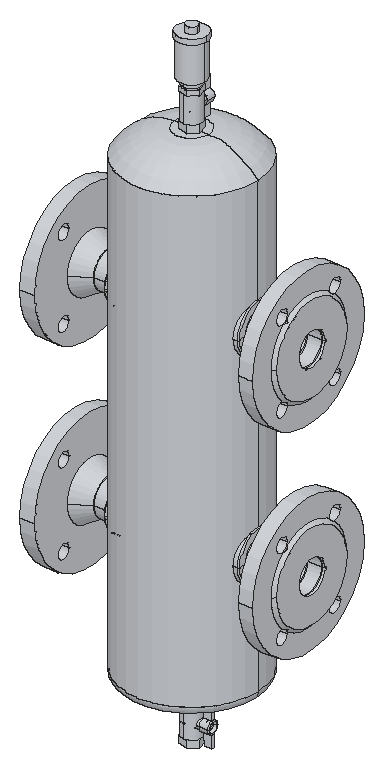
Revit family "Magnetic Dirt-Separator - R146IY105", category Plumbing Fixtures, Revit 2015
Reference planes
  plane 1 "Center (Front/Back)": y = 0
  plane 2: z = 0
  plane 3 "Center (Left/Right)": x = 0
  plane 4: x = 90.5
  plane 5: y = 27.082
  plane 6: y = -27.082
  plane 7: x = -90.5
  plane 8: y = 27.082
  plane 9: y = -27.082
  plane 10: x = -13.523
  plane 11: y = 27.082
  plane 12: y = -27.082
  plane 13: z = 884
  plane 14: z = 262
  plane 15: z = 542
  plane 16: x = 165
  plane 17: x = -165
  plane 18: y = 27.082
  plane 19: y = -27.082
  plane 20: y = 27.082
  plane 21: y = -27.082
  plane 22: y = 27.082
  plane 23: y = -27.082
Forms (mm)
  Revolve 1, solid
    sketch origin (0, 0, 3) x (1, 0, 0) y (0, 0, 1)
      loop
        line (-90.5, 719.629) -> (-90.5, 90.761)
        arc (-90.5, 90.761) -> (-89.71, 86.246) -> (-87.435, 82.267) r 13.306
        arc (-87.435, 82.267) -> (-51.844, 66.141) -> (-13.523, 58.503) r 171.259
        line (-13.523, 58.503) -> (0, 58.503) -> (0, 753.447) -> (-23.737, 753.447)
        arc (-23.737, 753.447) -> (-61.157, 744.51) -> (-90.5, 719.629) r 82.81
      axis (0, 753.447) -> (0, 58.503)
    angle from 0 to 360
  Extrusion 2, solid
    sketch origin (0, 0, 756.524) x (1, 0, 0) y (0, 1, 0)
      loop
        line (9.899, 9.899) -> (-3.623, 13.523) -> (-13.523, 3.623) -> (-9.899, -9.899) -> (3.623, -13.523) -> (13.523, -3.623) -> (9.899, 9.899)
    from -0.077 to 10.593
  Extrusion 3, solid
    sketch origin (-37.5, 0, -61.263) x (0, 1, 0) y (0, 0, -1)
      loop
        circle (0, -323.263) r 25
    from -152.5 to 77.5
  Extrusion 4, solid
    sketch origin (0, 0, 37.792) x (0, -1, 0) y (1, 0, 0)
      loop
        line (-9.899, 9.899) -> (-13.523, -3.623) -> (-3.623, -13.523) -> (9.899, -9.899) -> (13.523, 3.623) -> (3.623, 13.523) -> (-9.899, 9.899)
    from 7.343 to 14.343
  Extrusion 5, solid
    sketch origin (0, 0, 53.87) x (0, -1, 0) y (1, 0, 0)
      loop
        circle (0, 0) r 12
    from -1.736 to 1.264
  Extrusion 6, solid
    sketch origin (0, 0, 49.331) x (0, -1, 0) y (1, 0, 0)
      loop
        circle (0, 0) r 13
    from 5.803 to 12.803
  Revolve 7, solid
    sketch origin (16.384, 0, 28.102) x (1, 0, 0) y (0, 1, 0)
      loop
        line (0.632, -8.291) -> (12.097, -8.291) -> (12.563, -7.291) -> (6.89, -7.291) -> (6.89, -2.2) -> (10.212, -2.2) -> (10.212, 0) -> (-27.115, 0) -> (-27.115, -7) -> (0.632, -7) -> (0.632, -8.291)
      axis (-27.115, 0) -> (12.563, 0)
    angle from 0 to 360
  Extrusion 8, solid
    sketch origin (0, -1, -5.625) x (-1, 0, 0) y (0, 0, 1)
      loop
        line (-17.015, 41.903) -> (-17.015, 47.933) -> (-19.099, 58.652) -> (-28.947, 58.652) -> (-28.947, 42.73) -> (-28.47, 41.903) -> (-17.015, 41.903)
      loop
        line (-19.099, 8.802) -> (-17.015, 19.522) -> (-17.015, 25.572) -> (-28.458, 25.572) -> (-28.947, 24.724) -> (-28.947, 8.802) -> (-19.099, 8.802)
    from 0 to 2
  SweptBlend 9, solid
    path origin (0, 0, -85) x (1, 0, 0) y (0, 0, 1)
      loop
        line (140, 347) -> (115, 347)
    profile origin (140, 0, 262) x (0, 0, -1) y (0, -1, 0)
      loop
        circle (0, 0) r 40
    end profile origin (115, 0, 262) x (0, 0, -1) y (0, -1, 0)
      loop
        circle (0, 0) r 25
  Extrusion 10, solid
    sketch origin (-62.5, 0, -61.263) x (0, 1, 0) y (0, 0, 1)
      loop
        circle (0, 323.263) r 95
    from -97.5 to -77.5
  SweptBlend 11, solid
    path origin (0, 0, -85) x (-1, 0, 0) y (0, 0, -1)
      loop
        line (140, -347) -> (115, -347)
    profile origin (-140, 0, 262) x (0, 0, 1) y (0, -1, 0)
      loop
        circle (0, 0) r 40
    end profile origin (-115, 0, 262) x (0, 0, 1) y (0, -1, 0)
      loop
        circle (0, 0) r 25
  SweptBlend 12, solid
    path origin (-292.5, 0, -85) x (1, 0, 0) y (0, 0, 1)
      loop
        line (132.5, 347) -> (127.5, 347)
    profile origin (-160, 0, 262) x (0, 0, -1) y (0, -1, 0)
      loop
        circle (0, 0) r 65
    end profile origin (-165, 0, 262) x (0, 0, -1) y (0, -1, 0)
      loop
        circle (0, 0) r 60
  Extrusion 13, solid
    sketch origin (0, 0, -7.343) x (0, -1, 0) y (1, 0, 0)
      loop
        line (-9.899, 9.899) -> (-13.523, -3.623) -> (-3.623, -13.523) -> (9.899, -9.899) -> (13.523, 3.623) -> (3.623, 13.523) -> (-9.899, 9.899)
    from 7.343 to 17.343
  Extrusion 14, solid
    sketch origin (0, 0, 36.27) x (0, -1, 0) y (1, 0, 0)
      loop
        circle (0, 0) r 13
    from -26.27 to 8.865
  Extrusion 15, solid
    sketch origin (62.5, 0, -61.263) x (0, 1, 0) y (0, 0, -1)
      loop
        circle (0, -323.263) r 95
    from -97.5 to -77.5
  SweptBlend 16, solid
    path origin (292.5, 0, -85) x (-1, 0, 0) y (0, 0, -1)
      loop
        line (132.5, -347) -> (127.5, -347)
    profile origin (160, 0, 262) x (0, 0, 1) y (0, -1, 0)
      loop
        circle (0, 0) r 65
    end profile origin (165, 0, 262) x (0, 0, 1) y (0, -1, 0)
      loop
        circle (0, 0) r 60
  Extrusion 17, void
    sketch origin (0, 0, -85) x (0, 1, 0) y (0, 0, 1)
      loop
        circle (-45.307, 403.596) r 10
    from 134.322 to 170
  Extrusion 18, void
    sketch origin (0, 90.614, -85) x (0, 1, 0) y (0, 0, 1)
      loop
        circle (-45.307, 403.596) r 10
    from 134.322 to 170
  Extrusion 19, void
    sketch origin (0, 90.614, -198.193) x (0, 1, 0) y (0, 0, 1)
      loop
        circle (-45.307, 403.596) r 10
    from 134.322 to 170
  Extrusion 20, void
    sketch origin (0, 0, -198.193) x (0, 1, 0) y (0, 0, 1)
      loop
        circle (-45.307, 403.596) r 10
    from 134.322 to 170
  Extrusion 21, void
    sketch origin (-300, 90.614, -85) x (0, 1, 0) y (0, 0, 1)
      loop
        circle (-45.307, 403.596) r 10
    from 127.052 to 170
  Extrusion 22, void
    sketch origin (-300, 90.614, -198.193) x (0, 1, 0) y (0, 0, 1)
      loop
        circle (-45.307, 403.596) r 10
    from 129.816 to 170
  Extrusion 23, void
    sketch origin (-300, 0, -198.193) x (0, 1, 0) y (0, 0, 1)
      loop
        circle (-45.307, 403.596) r 10
    from 129.816 to 170
  Extrusion 24, void
    sketch origin (-300, 0, -85) x (0, 1, 0) y (0, 0, 1)
      loop
        circle (-45.307, 403.596) r 10
    from 129.816 to 170
  Revolve 25, solid
    sketch origin (0, 0, 262) x (1, 0, 0) y (0, 1, 0)
      loop
        line (-92.59, 25.156) -> (92.675, 25.156) -> (92.675, 33.508)
        arc (92.675, 33.508) -> (92.238, 34.563) -> (91.183, 35) r 1.492
        line (91.183, 35) -> (-91.098, 35)
        arc (-91.098, 35) -> (-92.153, 34.563) -> (-92.59, 33.508) r 1.492
        line (-92.59, 33.508) -> (-92.59, 25.156)
      axis (92.675, 0) -> (-92.59, 0)
    angle from 0 to 360
  Sweep 26, void
    path origin (0, 0, 0) x (1, 0, 0) y (0, 1, 0)
      loop
        line (-190, 0) -> (195, 0)
    profile origin (2.5, 0, 0) x (0, 1, 0) y (0, 0, 1)
      loop
        circle (0, 262) r 23
  Extrusion 27, solid
    sketch origin (-37.5, 0, 218.737) x (0, 1, 0) y (0, 0, -1)
      loop
        circle (0, -323.263) r 25
    from -152.5 to 77.5
  SweptBlend 28, solid
    path origin (0, 0, 195) x (1, 0, 0) y (0, 0, 1)
      loop
        line (140, 347) -> (115, 347)
    profile origin (140, 0, 542) x (0, 0, -1) y (0, -1, 0)
      loop
        circle (0, 0) r 40
    end profile origin (115, 0, 542) x (0, 0, -1) y (0, -1, 0)
      loop
        circle (0, 0) r 25
  Extrusion 29, solid
    sketch origin (-62.5, 0, 218.737) x (0, 1, 0) y (0, 0, 1)
      loop
        circle (0, 323.263) r 95
    from -97.5 to -77.5
  SweptBlend 30, solid
    path origin (0, 0, 195) x (-1, 0, 0) y (0, 0, -1)
      loop
        line (140, -347) -> (115, -347)
    profile origin (-140, 0, 542) x (0, 0, 1) y (0, -1, 0)
      loop
        circle (0, 0) r 40
    end profile origin (-115, 0, 542) x (0, 0, 1) y (0, -1, 0)
      loop
        circle (0, 0) r 25
  SweptBlend 31, solid
    path origin (-292.5, 0, 195) x (1, 0, 0) y (0, 0, 1)
      loop
        line (132.5, 347) -> (127.5, 347)
    profile origin (-160, 0, 542) x (0, 0, -1) y (0, -1, 0)
      loop
        circle (0, 0) r 65
    end profile origin (-165, 0, 542) x (0, 0, -1) y (0, -1, 0)
      loop
        circle (0, 0) r 60
  Extrusion 32, solid
    sketch origin (62.5, 0, 218.737) x (0, 1, 0) y (0, 0, -1)
      loop
        circle (0, -323.263) r 95
    from -97.5 to -77.5
  SweptBlend 33, solid
    path origin (292.5, 0, 195) x (-1, 0, 0) y (0, 0, -1)
      loop
        line (132.5, -347) -> (127.5, -347)
    profile origin (160, 0, 542) x (0, 0, 1) y (0, -1, 0)
      loop
        circle (0, 0) r 65
    end profile origin (165, 0, 542) x (0, 0, 1) y (0, -1, 0)
      loop
        circle (0, 0) r 60
  Extrusion 34, void
    sketch origin (0, 0, 195) x (0, 1, 0) y (0, 0, 1)
      loop
        circle (-45.307, 403.596) r 10
      loop
        circle (45.307, 403.596) r 10
      loop
        circle (45.307, 290.404) r 10
      loop
        circle (-45.307, 290.404) r 10
    from 134.322 to 170
  Extrusion 35, void
    sketch origin (-300, 90.614, 195) x (0, 1, 0) y (0, 0, 1)
      loop
        circle (-45.307, 403.596) r 10
      loop
        circle (-135.921, 403.596) r 10
      loop
        circle (-135.921, 290.404) r 10
      loop
        circle (-45.307, 290.404) r 10
    from 127.052 to 170
  Revolve 36, solid
    sketch origin (0, 0, 542) x (1, 0, 0) y (0, 1, 0)
      loop
        line (-92.59, 25.156) -> (92.675, 25.156) -> (92.675, 33.508)
        arc (92.675, 33.508) -> (92.238, 34.563) -> (91.183, 35) r 1.492
        line (91.183, 35) -> (-91.098, 35)
        arc (-91.098, 35) -> (-92.153, 34.563) -> (-92.59, 33.508) r 1.492
        line (-92.59, 33.508) -> (-92.59, 25.156)
      axis (92.675, 0) -> (-92.59, 0)
    angle from 0 to 360
  Sweep 37, void
    path origin (0, 0, 0) x (1, 0, 0) y (0, 1, 0)
      loop
        line (-215, 0) -> (220, 0)
    profile origin (2.5, 0, 0) x (0, 1, 0) y (0, 0, 1)
      loop
        circle (0, 542) r 23
  Extrusion 38, solid
    sketch origin (0, 0, 794.909) x (0, -1, 0) y (1, 0, 0)
      loop
        line (-9.899, 9.899) -> (-13.523, -3.623) -> (-3.623, -13.523) -> (9.899, -9.899) -> (13.523, 3.623) -> (3.623, 13.523) -> (-9.899, 9.899)
    from 7.343 to 14.343
  Extrusion 39, solid
    sketch origin (0, 0, 810.987) x (0, -1, 0) y (1, 0, 0)
      loop
        circle (0, 0) r 12
    from -1.736 to 1.264
  Extrusion 40, solid
    sketch origin (0, 0, 806.448) x (0, -1, 0) y (1, 0, 0)
      loop
        circle (0, 0) r 13
    from 5.803 to 12.803
  Revolve 41, solid
    sketch origin (0, 16.384, 785.219) x (0, 1, 0) y (-1, 0, 0)
      loop
        line (0.632, -8.291) -> (12.097, -8.291) -> (12.563, -7.291) -> (6.89, -7.291) -> (6.89, -2.2) -> (10.212, -2.2) -> (10.212, 0) -> (-27.115, 0) -> (-27.115, -7) -> (0.632, -7) -> (0.632, -8.291)
      axis (-27.115, 0) -> (12.563, 0)
    angle from 0 to 360
  Extrusion 42, solid
    sketch origin (1, 0, 751.492) x (0, -1, 0) y (0, 0, 1)
      loop
        line (-17.015, 41.903) -> (-17.015, 47.933) -> (-19.099, 58.652) -> (-28.947, 58.652) -> (-28.947, 42.73) -> (-28.47, 41.903) -> (-17.015, 41.903)
      loop
        line (-19.099, 8.802) -> (-17.015, 19.522) -> (-17.015, 25.572) -> (-28.458, 25.572) -> (-28.947, 24.724) -> (-28.947, 8.802) -> (-19.099, 8.802)
    from 0 to 2
  Extrusion 43, solid
    sketch origin (0, 0, 793.387) x (0, -1, 0) y (1, 0, 0)
      loop
        circle (0, 0) r 13
    from -26.27 to 8.865
  Extrusion 44, solid
    sketch origin (0, 0, 876) x (1, 0, 0) y (0, 1, 0)
      loop
        circle (0, 0) r 8
    from 0 to 8
  Extrusion 45, solid
    sketch origin (0, 0, 869) x (1, 0, 0) y (0, 1, 0)
      loop
        circle (0, 0) r 20
    from 0 to 7
  Extrusion 46, solid
    sketch origin (0, 0, 850.505) x (1, 0, 0) y (0, 1, 0)
      loop
        circle (0, 0) r 18
    from -31.254 to 18.495
Cuts and joins
  Extrusion 17, Sweep 26, Sweep 37 cuts Revolve 1
  Extrusion 17, Extrusion 18, Extrusion 19, Extrusion 20, Sweep 26, Extrusion 34 cuts Extrusion 15
  Extrusion 17, Extrusion 18, Extrusion 19, Extrusion 20, Sweep 26, Extrusion 34 cuts SweptBlend 16
  Extrusion 21, Extrusion 22, Extrusion 23, Extrusion 24, Sweep 26, Extrusion 35 cuts Extrusion 10
  Extrusion 21, Extrusion 22, Extrusion 23, Extrusion 24, Sweep 26, Extrusion 35 cuts SweptBlend 12
  Sweep 26 cuts Extrusion 3
  Sweep 26 cuts SweptBlend 9
  Sweep 26 cuts SweptBlend 11
  Extrusion 34, Sweep 37 cuts Extrusion 32
  Extrusion 34, Sweep 37 cuts SweptBlend 33
  Extrusion 35, Sweep 37 cuts Extrusion 29
  Extrusion 35, Sweep 37 cuts SweptBlend 31
  Sweep 37 cuts Extrusion 27
  Sweep 37 cuts SweptBlend 28
  Sweep 37 cuts SweptBlend 30
Dimensions and locks
  equal spacing: plane 4, plane 3 "Center (Left/Right)", plane 7
  plane 3 "Center (Left/Right)" to plane 7 = 90.5 mm
  plane 4 to plane 7 = 181 mm
  plane 2 to plane 13 = 884 mm
  plane 2 to plane 14 = 262 mm
  plane 14 to plane 15 = 280 mm
  plane 15 to plane 13 = 342 mm
  plane 16 to plane 3 "Center (Left/Right)" = 165 mm
  equal spacing: plane 16, plane 3 "Center (Left/Right)", plane 17
  plane 16 to plane 17 = 330 mm
  aligned and locked: level to plane 2
Automatic sketch dimensions
  Extrusion 2 sketch curve to plane 10 = 0 mm
  Extrusion 2 sketch curve to plane 10 = 3.623 mm
  Extrusion 2 sketch curve to plane 3 "Center (Left/Right)" = 3.623 mm
  plane 3 "Center (Left/Right)" to Extrusion 2 sketch curve = 3.623 mm
  plane 3 "Center (Left/Right)" to Extrusion 2 sketch curve = 9.899 mm
  plane 1 "Center (Front/Back)" to Extrusion 2 sketch curve = 3.623 mm
  plane 3 "Center (Left/Right)" to Extrusion 2 sketch curve = 13.523 mm
  plane 1 "Center (Front/Back)" to Extrusion 2 sketch curve = 9.899 mm
  plane 1 "Center (Front/Back)" to Extrusion 2 sketch curve = 13.523 mm
  Extrusion 2 sketch curve to plane 1 "Center (Front/Back)" = 3.623 mm
  Extrusion 2 sketch curve to plane 1 "Center (Front/Back)" = 9.899 mm
  Extrusion 2 sketch curve to plane 1 "Center (Front/Back)" = 13.523 mm
  Extrusion 3 sketch curve to plane 1 "Center (Front/Back)" = 0 mm
  Extrusion 3 sketch curve to plane 14 = 0 mm
  Extrusion 4 sketch curve to plane 10 = 0 mm
  Extrusion 4 sketch curve to plane 3 "Center (Left/Right)" = 3.623 mm
  Extrusion 4 sketch curve to plane 1 "Center (Front/Back)" = 13.523 mm
  Extrusion 4 sketch curve to plane 1 "Center (Front/Back)" = 9.899 mm
  Extrusion 4 sketch curve to plane 1 "Center (Front/Back)" = 3.623 mm
  plane 1 "Center (Front/Back)" to Extrusion 4 sketch curve = 3.623 mm
  Extrusion 4 sketch curve to plane 10 = 3.623 mm
  plane 1 "Center (Front/Back)" to Extrusion 4 sketch curve = 9.899 mm
  plane 3 "Center (Left/Right)" to Extrusion 4 sketch curve = 3.623 mm
  plane 1 "Center (Front/Back)" to Extrusion 4 sketch curve = 13.523 mm
  plane 3 "Center (Left/Right)" to Extrusion 4 sketch curve = 9.899 mm
  plane 3 "Center (Left/Right)" to Extrusion 4 sketch curve = 13.523 mm
  plane 1 "Center (Front/Back)" to Extrusion 5 sketch curve = 0 mm
  Extrusion 5 sketch curve to plane 3 "Center (Left/Right)" = 0 mm
  plane 1 "Center (Front/Back)" to Extrusion 6 sketch curve = 0 mm
  Extrusion 6 sketch curve to plane 3 "Center (Left/Right)" = 0 mm
  plane 1 "Center (Front/Back)" to Revolve 7 sketch curve = 0 mm  (x2)
  Revolve 7 sketch curve to plane 10 = 2.792 mm
  plane 1 "Center (Front/Back)" to Revolve 7 sketch curve = 8.291 mm
  plane 3 "Center (Left/Right)" to Revolve 7 sketch curve = 17.015 mm
  Revolve 7 sketch curve to Revolve 7 sketch curve = 6.258 mm
  Revolve 7 sketch curve to Revolve 7 sketch curve = 3.322 mm
  Revolve 7 sketch curve to Revolve 7 sketch curve = 5.207 mm
  plane 1 "Center (Front/Back)" to Revolve 7 sketch curve = 7.291 mm
  Revolve 7 sketch curve to Revolve 7 sketch curve = 0.466 mm
  Revolve 7 sketch curve to Revolve 7 sketch curve = 1.291 mm
  plane 1 "Center (Front/Back)" to Revolve 7 sketch curve = 2.2 mm
  plane 3 "Center (Left/Right)" to Revolve 7 sketch curve = 8.982 mm
  Revolve 7 sketch curve to Revolve 7 sketch curve = 6.708 mm
  plane 3 "Center (Left/Right)" to Extrusion 8 sketch curve = 28.947 mm
  Extrusion 8 sketch curve to Extrusion 8 sketch curve = 0 mm
  Extrusion 8 sketch curve to Extrusion 8 sketch curve = 0.477 mm
  Extrusion 8 sketch curve to Extrusion 8 sketch curve = 0.489 mm
  level to Extrusion 8 sketch curve = 3.177 mm
  Extrusion 8 sketch curve to Extrusion 8 sketch curve = 9.848 mm  (x2)
  Extrusion 8 sketch curve to Extrusion 8 sketch curve = 2.084 mm
  Extrusion 8 sketch curve to Extrusion 8 sketch curve = 11.443 mm
  Extrusion 8 sketch curve to Extrusion 8 sketch curve = 10.719 mm
  Extrusion 8 sketch curve to Extrusion 8 sketch curve = 5.203 mm
  Extrusion 8 sketch curve to Extrusion 8 sketch curve = 6.05 mm
  Extrusion 8 sketch curve to Extrusion 8 sketch curve = 16.332 mm
  Extrusion 8 sketch curve to Extrusion 8 sketch curve = 0.827 mm
  Extrusion 8 sketch curve to Extrusion 8 sketch curve = 6.029 mm
  Extrusion 8 sketch curve to Extrusion 8 sketch curve = 15.922 mm
  SweptBlend 9 sketch curve to plane 14 = 0 mm
  plane 4 to SweptBlend 9 sketch curve = 24.5 mm
  SweptBlend 9 sketch curve to plane 16 = 25 mm
  SweptBlend 9 sketch curve to SweptBlend 9 sketch curve = 0 mm  (x4)
  SweptBlend 9 sketch curve to profile plane = 0 mm  (x4)
  SweptBlend 9 sketch curve to profile plane = 40 mm
  SweptBlend 9 sketch curve to profile plane = 25 mm
  Extrusion 10 sketch curve to plane 1 "Center (Front/Back)" = 0 mm
  Extrusion 10 sketch curve to plane 14 = 0 mm
  SweptBlend 11 sketch curve to plane 14 = 0 mm
  SweptBlend 11 sketch curve to plane 7 = 24.5 mm
  SweptBlend 11 sketch curve to SweptBlend 11 sketch curve = 25 mm
  SweptBlend 11 sketch curve to SweptBlend 11 sketch curve = 0 mm  (x4)
  profile plane to SweptBlend 11 sketch curve = 0 mm  (x2)
  SweptBlend 11 sketch curve to profile plane = 0 mm  (x2)
  SweptBlend 11 sketch curve to profile plane = 40 mm
  SweptBlend 11 sketch curve to profile plane = 25 mm
  SweptBlend 12 sketch curve to plane 14 = 0 mm
  SweptBlend 12 sketch curve to plane 17 = 0 mm
  SweptBlend 12 sketch curve to SweptBlend 12 sketch curve = 5 mm
  SweptBlend 12 sketch curve to SweptBlend 12 sketch curve = 0 mm  (x4)
  SweptBlend 12 sketch curve to profile plane = 0 mm  (x4)
  SweptBlend 12 sketch curve to profile plane = 65 mm
  SweptBlend 12 sketch curve to profile plane = 60 mm
  Extrusion 13 sketch curve to plane 10 = 0 mm
  Extrusion 13 sketch curve to plane 3 "Center (Left/Right)" = 3.623 mm
  Extrusion 13 sketch curve to plane 1 "Center (Front/Back)" = 13.523 mm
  Extrusion 13 sketch curve to plane 1 "Center (Front/Back)" = 9.899 mm
  Extrusion 13 sketch curve to plane 1 "Center (Front/Back)" = 3.623 mm
  plane 1 "Center (Front/Back)" to Extrusion 13 sketch curve = 3.623 mm
  Extrusion 13 sketch curve to plane 10 = 3.623 mm
  plane 1 "Center (Front/Back)" to Extrusion 13 sketch curve = 9.899 mm
  plane 3 "Center (Left/Right)" to Extrusion 13 sketch curve = 3.623 mm
  plane 1 "Center (Front/Back)" to Extrusion 13 sketch curve = 13.523 mm
  plane 3 "Center (Left/Right)" to Extrusion 13 sketch curve = 9.899 mm
  plane 3 "Center (Left/Right)" to Extrusion 13 sketch curve = 13.523 mm
  plane 1 "Center (Front/Back)" to Extrusion 14 sketch curve = 0 mm
  Extrusion 14 sketch curve to plane 3 "Center (Left/Right)" = 0 mm
  Extrusion 15 sketch curve to plane 1 "Center (Front/Back)" = 0 mm
  Extrusion 15 sketch curve to plane 14 = 0 mm
  SweptBlend 16 sketch curve to plane 14 = 0 mm
  SweptBlend 16 sketch curve to plane 16 = 0 mm
  SweptBlend 16 sketch curve to plane 16 = 5 mm
  SweptBlend 16 sketch curve to SweptBlend 16 sketch curve = 0 mm  (x4)
  profile plane to SweptBlend 16 sketch curve = 0 mm  (x2)
  SweptBlend 16 sketch curve to profile plane = 0 mm  (x2)
  SweptBlend 16 sketch curve to profile plane = 65 mm
  SweptBlend 16 sketch curve to profile plane = 60 mm
  Extrusion 17 sketch curve to Extrusion 17 sketch curve = 0 mm  (x2)
  plane 1 "Center (Front/Back)" to Extrusion 17 sketch curve = 45.307 mm
  plane 14 to Extrusion 17 sketch curve = 56.596 mm
  Extrusion 17 sketch curve to Extrusion 17 sketch curve = 10 mm
  Extrusion 18 sketch curve to Extrusion 18 sketch curve = 0 mm  (x2)
  Extrusion 18 sketch curve to plane 1 "Center (Front/Back)" = 45.307 mm
  plane 14 to Extrusion 18 sketch curve = 56.596 mm
  Extrusion 18 sketch curve to Extrusion 18 sketch curve = 10 mm
  Extrusion 19 sketch curve to Extrusion 19 sketch curve = 0 mm  (x2)
  Extrusion 19 sketch curve to plane 1 "Center (Front/Back)" = 45.307 mm
  Extrusion 19 sketch curve to plane 14 = 56.596 mm
  Extrusion 19 sketch curve to Extrusion 19 sketch curve = 10 mm
  Extrusion 20 sketch curve to Extrusion 20 sketch curve = 0 mm  (x2)
  plane 1 "Center (Front/Back)" to Extrusion 20 sketch curve = 45.307 mm
  Extrusion 20 sketch curve to plane 14 = 56.596 mm
  Extrusion 20 sketch curve to Extrusion 20 sketch curve = 10 mm
  Extrusion 21 sketch curve to Extrusion 21 sketch curve = 0 mm  (x2)
  Extrusion 21 sketch curve to plane 1 "Center (Front/Back)" = 45.307 mm
  plane 14 to Extrusion 21 sketch curve = 56.596 mm
  Extrusion 21 sketch curve to Extrusion 21 sketch curve = 10 mm
  Extrusion 22 sketch curve to Extrusion 22 sketch curve = 0 mm  (x2)
  Extrusion 22 sketch curve to plane 1 "Center (Front/Back)" = 45.307 mm
  Extrusion 22 sketch curve to plane 14 = 56.596 mm
  Extrusion 22 sketch curve to Extrusion 22 sketch curve = 10 mm
  Extrusion 23 sketch curve to Extrusion 23 sketch curve = 0 mm  (x2)
  plane 1 "Center (Front/Back)" to Extrusion 23 sketch curve = 45.307 mm
  Extrusion 23 sketch curve to plane 14 = 56.596 mm
  Extrusion 23 sketch curve to Extrusion 23 sketch curve = 10 mm
  Extrusion 24 sketch curve to Extrusion 24 sketch curve = 0 mm  (x2)
  plane 1 "Center (Front/Back)" to Extrusion 24 sketch curve = 45.307 mm
  plane 14 to Extrusion 24 sketch curve = 56.596 mm
  Extrusion 24 sketch curve to Extrusion 24 sketch curve = 10 mm
  plane 1 "Center (Front/Back)" to Revolve 25 sketch curve = 0 mm
  Revolve 25 sketch curve to plane 7 = 2.09 mm
  Revolve 25 sketch curve to plane 7 = 0.598 mm
  plane 4 to Revolve 25 sketch curve = 0.683 mm
  plane 4 to Revolve 25 sketch curve = 2.175 mm
  Revolve 25 sketch curve to plane 1 "Center (Front/Back)" = 25.156 mm
  Revolve 25 sketch curve to Revolve 25 sketch curve = 8.351 mm
  plane 10 to Revolve 25 sketch curve = 30.977 mm
  Revolve 25 sketch curve to plane 4 = 30 mm
  plane 1 "Center (Front/Back)" to Sweep 26 sketch curve = 0 mm
  Sweep 26 sketch curve to plane 17 = 25 mm
  plane 16 to Sweep 26 sketch curve = 30 mm
  Sweep 26 sketch curve to profile plane = 0 mm
  profile plane to Sweep 26 sketch curve = 262 mm
  Extrusion 27 sketch curve to plane 1 "Center (Front/Back)" = 0 mm
  Extrusion 27 sketch curve to plane 15 = 0 mm
  SweptBlend 28 sketch curve to plane 15 = 0 mm
  plane 4 to SweptBlend 28 sketch curve = 24.5 mm
  SweptBlend 28 sketch curve to plane 16 = 25 mm
  SweptBlend 28 sketch curve to SweptBlend 28 sketch curve = 0 mm  (x4)
  SweptBlend 28 sketch curve to profile plane = 0 mm  (x4)
  SweptBlend 28 sketch curve to profile plane = 40 mm
  SweptBlend 28 sketch curve to profile plane = 25 mm
  Extrusion 29 sketch curve to plane 1 "Center (Front/Back)" = 0 mm
  Extrusion 29 sketch curve to plane 15 = 0 mm
  SweptBlend 30 sketch curve to plane 15 = 0 mm
  SweptBlend 30 sketch curve to plane 7 = 24.5 mm
  SweptBlend 30 sketch curve to SweptBlend 30 sketch curve = 25 mm
  SweptBlend 30 sketch curve to SweptBlend 30 sketch curve = 0 mm  (x4)
  profile plane to SweptBlend 30 sketch curve = 0 mm  (x2)
  SweptBlend 30 sketch curve to profile plane = 0 mm  (x2)
  SweptBlend 30 sketch curve to profile plane = 40 mm
  SweptBlend 30 sketch curve to profile plane = 25 mm
  SweptBlend 31 sketch curve to plane 15 = 0 mm
  SweptBlend 31 sketch curve to plane 17 = 0 mm
  SweptBlend 31 sketch curve to SweptBlend 31 sketch curve = 5 mm
  SweptBlend 31 sketch curve to SweptBlend 31 sketch curve = 0 mm  (x4)
  SweptBlend 31 sketch curve to profile plane = 0 mm  (x4)
  SweptBlend 31 sketch curve to profile plane = 65 mm
  SweptBlend 31 sketch curve to profile plane = 60 mm
  Extrusion 32 sketch curve to plane 1 "Center (Front/Back)" = 0 mm
  Extrusion 32 sketch curve to plane 15 = 0 mm
  SweptBlend 33 sketch curve to plane 15 = 0 mm
  SweptBlend 33 sketch curve to plane 16 = 0 mm
  SweptBlend 33 sketch curve to plane 16 = 5 mm
  SweptBlend 33 sketch curve to SweptBlend 33 sketch curve = 0 mm  (x4)
  profile plane to SweptBlend 33 sketch curve = 0 mm  (x2)
  SweptBlend 33 sketch curve to profile plane = 0 mm  (x2)
  SweptBlend 33 sketch curve to profile plane = 65 mm
  SweptBlend 33 sketch curve to profile plane = 60 mm
  Extrusion 34 sketch curve to Extrusion 34 sketch curve = 0 mm  (x8)
  plane 1 "Center (Front/Back)" to Extrusion 34 sketch curve = 45.307 mm  (x2)
  Extrusion 34 sketch curve to plane 1 "Center (Front/Back)" = 45.307 mm  (x2)
  Extrusion 34 sketch curve to plane 15 = 56.596 mm  (x2)
  plane 15 to Extrusion 34 sketch curve = 56.596 mm  (x2)
  Extrusion 34 sketch curve to Extrusion 34 sketch curve = 10 mm  (x4)
  Extrusion 35 sketch curve to Extrusion 35 sketch curve = 0 mm  (x8)
  plane 1 "Center (Front/Back)" to Extrusion 35 sketch curve = 45.307 mm  (x2)
  Extrusion 35 sketch curve to plane 1 "Center (Front/Back)" = 45.307 mm  (x2)
  Extrusion 35 sketch curve to plane 15 = 56.596 mm  (x2)
  plane 15 to Extrusion 35 sketch curve = 56.596 mm  (x2)
  Extrusion 35 sketch curve to Extrusion 35 sketch curve = 10 mm  (x4)
  plane 1 "Center (Front/Back)" to Revolve 36 sketch curve = 0 mm
  Revolve 36 sketch curve to plane 7 = 2.09 mm
  Revolve 36 sketch curve to plane 7 = 0.598 mm
  plane 4 to Revolve 36 sketch curve = 0.683 mm
  plane 4 to Revolve 36 sketch curve = 2.175 mm
  Revolve 36 sketch curve to plane 1 "Center (Front/Back)" = 25.156 mm
  Revolve 36 sketch curve to Revolve 36 sketch curve = 8.351 mm
  plane 10 to Revolve 36 sketch curve = 30.977 mm
  Revolve 36 sketch curve to plane 4 = 30 mm
  plane 1 "Center (Front/Back)" to Sweep 37 sketch curve = 0 mm
  Sweep 37 sketch curve to plane 17 = 50 mm
  plane 16 to Sweep 37 sketch curve = 55 mm
  Sweep 37 sketch curve to profile plane = 0 mm
  profile plane to Sweep 37 sketch curve = 542 mm
  Extrusion 38 sketch curve to plane 10 = 0 mm
  Extrusion 38 sketch curve to plane 3 "Center (Left/Right)" = 3.623 mm
  Extrusion 38 sketch curve to plane 1 "Center (Front/Back)" = 13.523 mm
  Extrusion 38 sketch curve to plane 1 "Center (Front/Back)" = 9.899 mm
  Extrusion 38 sketch curve to plane 1 "Center (Front/Back)" = 3.623 mm
  plane 1 "Center (Front/Back)" to Extrusion 38 sketch curve = 3.623 mm
  Extrusion 38 sketch curve to plane 10 = 3.623 mm
  plane 1 "Center (Front/Back)" to Extrusion 38 sketch curve = 9.899 mm
  plane 3 "Center (Left/Right)" to Extrusion 38 sketch curve = 3.623 mm
  plane 1 "Center (Front/Back)" to Extrusion 38 sketch curve = 13.523 mm
  plane 3 "Center (Left/Right)" to Extrusion 38 sketch curve = 9.899 mm
  plane 3 "Center (Left/Right)" to Extrusion 38 sketch curve = 13.523 mm
  plane 1 "Center (Front/Back)" to Extrusion 39 sketch curve = 0 mm
  Extrusion 39 sketch curve to plane 3 "Center (Left/Right)" = 0 mm
  plane 1 "Center (Front/Back)" to Extrusion 40 sketch curve = 0 mm
  Extrusion 40 sketch curve to plane 3 "Center (Left/Right)" = 0 mm
  plane 1 "Center (Front/Back)" to Extrusion 43 sketch curve = 0 mm
  Extrusion 43 sketch curve to plane 3 "Center (Left/Right)" = 0 mm
  plane 1 "Center (Front/Back)" to Extrusion 44 sketch curve = 0 mm
  plane 3 "Center (Left/Right)" to Extrusion 44 sketch curve = 0 mm
  plane 1 "Center (Front/Back)" to Extrusion 45 sketch curve = 0 mm
  plane 3 "Center (Left/Right)" to Extrusion 45 sketch curve = 0 mm
  plane 1 "Center (Front/Back)" to Extrusion 46 sketch curve = 0 mm
  plane 3 "Center (Left/Right)" to Extrusion 46 sketch curve = 0 mm
  Revolve 1 sketch curve to plane 7 = 0 mm
  plane 10 to Revolve 1 sketch curve = 0 mm
  Revolve 1 sketch curve to plane 3 "Center (Left/Right)" = 0 mm  (x2)
  plane 7 to Revolve 1 sketch curve = 13.306 mm
  plane 10 to Revolve 1 sketch curve = 10.214 mm
  plane 3 "Center (Left/Right)" to Revolve 1 sketch curve = 0.576 mm
  level to Revolve 1 sketch curve = 61.503 mm
  Revolve 1 sketch curve to Revolve 1 sketch curve = 32.259 mm
  Revolve 1 sketch curve to plane 14 = 29.82 mm
  plane 15 to Revolve 1 sketch curve = 131.637 mm
  Revolve 1 sketch curve to Revolve 1 sketch curve = 48.992 mm
  Revolve 1 sketch curve to plane 15 = 69 mm
  Revolve 1 sketch curve to Revolve 1 sketch curve = 60.637 mm
  Revolve 41 sketch curve to plane 3 "Center (Left/Right)" = 0 mm  (x2)
  plane 1 "Center (Front/Back)" to Revolve 41 sketch curve = 10.731 mm
  plane 3 "Center (Left/Right)" to Revolve 41 sketch curve = 8.291 mm
  Revolve 41 sketch curve to plane 1 "Center (Front/Back)" = 17.015 mm
  Revolve 41 sketch curve to Revolve 41 sketch curve = 6.258 mm
  Revolve 41 sketch curve to Revolve 41 sketch curve = 3.322 mm
  Revolve 41 sketch curve to Revolve 41 sketch curve = 5.207 mm
  plane 3 "Center (Left/Right)" to Revolve 41 sketch curve = 7.291 mm
  Revolve 41 sketch curve to Revolve 41 sketch curve = 0.466 mm
  Revolve 41 sketch curve to Revolve 41 sketch curve = 1.291 mm
  plane 3 "Center (Left/Right)" to Revolve 41 sketch curve = 2.2 mm
  Revolve 41 sketch curve to plane 1 "Center (Front/Back)" = 8.982 mm
  Revolve 41 sketch curve to Revolve 41 sketch curve = 6.708 mm
  Extrusion 42 sketch curve to plane 1 "Center (Front/Back)" = 28.947 mm
  Extrusion 42 sketch curve to Extrusion 42 sketch curve = 0 mm
  Extrusion 42 sketch curve to Extrusion 42 sketch curve = 0.477 mm
  Extrusion 42 sketch curve to Extrusion 42 sketch curve = 0.489 mm
  Extrusion 42 sketch curve to Extrusion 42 sketch curve = 9.848 mm  (x2)
  Extrusion 42 sketch curve to Extrusion 42 sketch curve = 2.084 mm
  Extrusion 42 sketch curve to Extrusion 42 sketch curve = 11.443 mm
  Extrusion 42 sketch curve to plane 13 = 123.706 mm
  Extrusion 42 sketch curve to Extrusion 42 sketch curve = 10.719 mm
  Extrusion 42 sketch curve to Extrusion 42 sketch curve = 5.203 mm
  Extrusion 42 sketch curve to Extrusion 42 sketch curve = 6.05 mm
  Extrusion 42 sketch curve to Extrusion 42 sketch curve = 16.332 mm
  Extrusion 42 sketch curve to Extrusion 42 sketch curve = 0.827 mm
  Extrusion 42 sketch curve to Extrusion 42 sketch curve = 6.029 mm
  Extrusion 42 sketch curve to Extrusion 42 sketch curve = 15.922 mm
  radius of Extrusion 3 sketch curve = 25 mm
  radius of Extrusion 5 sketch curve = 12 mm
  radius of Extrusion 6 sketch curve = 13 mm
  radius of Extrusion 10 sketch curve = 95 mm
  radius of Extrusion 14 sketch curve = 13 mm
  radius of Extrusion 15 sketch curve = 95 mm
  radius of Sweep 26 sketch curve = 23 mm
  radius of Extrusion 27 sketch curve = 25 mm
  radius of Extrusion 29 sketch curve = 95 mm
  radius of Extrusion 32 sketch curve = 95 mm
  radius of Sweep 37 sketch curve = 23 mm
  radius of Extrusion 39 sketch curve = 12 mm
  radius of Extrusion 40 sketch curve = 13 mm
  radius of Extrusion 43 sketch curve = 13 mm
  radius of Extrusion 44 sketch curve = 8 mm
  radius of Extrusion 45 sketch curve = 20 mm
  radius of Extrusion 46 sketch curve = 18 mm
